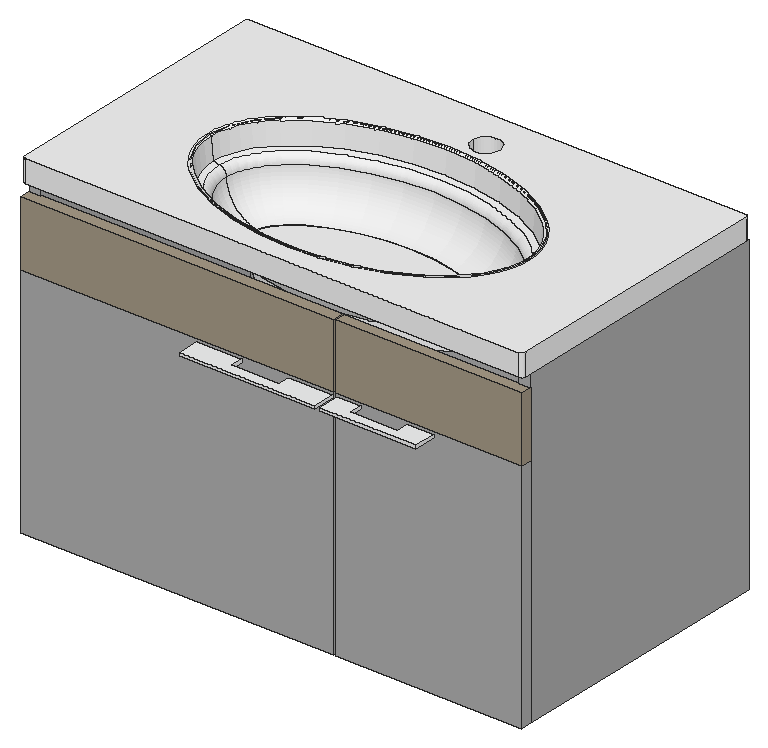
Revit family "138086841_Mueble Elipse Plus 80 cm con Lavamanos.pdf", category Furniture, Revit 2019
Family settings
  OmniClass Number = 23.31.13.11
  OmniClass Title = Single Sinks
  Work Plane-Based = No
  Always vertical = Yes
  Cut with Voids When Loaded = No
  Shared = No
  Room Calculation Point = No
Parameters
  URL = "https://corona.co/productos/muebles-para-banos/mueble-elipse-plus/p/135076841"
  Resistencia al rayado = "700 ciclos"  # constant formula
  Resistencia a la humedad = "8%"  # constant formula
  Peso Neto aprox = "35,7 lb (16,2 kg)."  # constant formula
  Peso Bruto aprox = "43,9 lb (19,9 kg)."  # constant formula
  Model = "Elipse Plus 60"  # constant formula
  Material = Corona_Madera_Niebla
  Manufacturer = "Corona"  # constant formula
  Manija = Corona_Aluminio
  Longitud = 453 mm
  Garantía Herraje = "1 año"  # constant formula
  Garantía = "5 Años (Madera)"  # constant formula
  Fecha de creación = "28/07/2020"  # constant formula
  Description = "Línea de Muebles Elipse Plus con mezcla de materiales y manija en aluminio\r\nque brindan un diseño moderno, en formato de 60 y 80 cm con una puerta y\r\nuna canastilla organizadora. Máxima capacidad de almacenamiento.\r\n· Resistentes a la humedad.\r\n· Lavamanos 100% en porcelana.\r\n· Canastilla Organizadora"  # constant formula
  Creado por = "IDD"  # constant formula
  Ancho = 800 mm
  Alto = 500 mm
  Acabado = Corona_Ambar
Reference planes
  plane 1 "Center (Front/Back)": y = 0
  plane 2: z = 0
  plane 3 "Center (Left/Right)": x = 0
  plane 4 "Center L/S": x = 400
  plane 5 "Center L/T": x = -400
  plane 6 "Center L/U": y = -453
  plane 7: z = 500
  plane 8: z = 480
  plane 9: z = 286
  plane 10: z = 186
Forms (mm)
  Extrusion 1, solid, material "Corona_Madera_Niebla" <- "Material", detail levels medium+fine
    sketch origin (0, 0, 0) x (1, 0, 0) y (0, 1, 0)
      loop
        line (-400, 0) -> (-400, -435) -> (-382, -435) -> (-382, 0) -> (-400, 0)
    from 0 to 500
  Extrusion 2, solid, material "Corona_Madera_Niebla" <- "Material", detail levels medium+fine
    sketch origin (0, 0, 0) x (-1, 0, 0) y (0, -1, 0)
      loop
        line (-400, 0) -> (-382, 0) -> (-382, 435) -> (-400, 435) -> (-400, 0)
    from 0 to 500
  Extrusion 3, solid, material "Corona_Madera_Niebla" <- "Material", detail levels medium+fine
    sketch origin (0, 0, 0) x (1, 0, 0) y (0, 1, 0)
      loop
        line (-382, 0) -> (-382, -18) -> (382, -18) -> (382, 0) -> (-382, 0)
    from 0 to 500
  Extrusion 4, solid, material "Corona_Madera_Niebla" <- "Material", detail levels medium+fine
    sketch origin (0, 0, 0) x (1, 0, 0) y (0, 1, 0)
      loop
        line (-400, -453) -> (100, -453) -> (100, -435) -> (-400, -435) -> (-400, -453)
      loop
        line (400, -435) -> (103, -435) -> (103, -453) -> (400, -453) -> (400, -435)
    from 0 to 376
  Extrusion 5, solid, material "Corona_Ambar" <- "Acabado", detail levels medium+fine
    sketch origin (0, 0, 0) x (1, 0, 0) y (0, 1, 0)
      loop
        line (-400, -453) -> (100, -453) -> (100, -435) -> (-400, -435) -> (-400, -453)
      loop
        line (400, -435) -> (103, -435) -> (103, -453) -> (400, -453) -> (400, -435)
    from 376 to 480
  Extrusion 6, solid, material "Corona_Aluminio" <- "Manija", detail levels medium+fine
    sketch origin (0, 0, 0) x (1, 0, 0) y (0, 1, 0)
      loop
        line (106.266, -453) -> (106.266, -488) -> (260.016, -488) -> (260.016, -453) -> (218.766, -453) -> (218.766, -473) -> (143.766, -473) -> (143.766, -453) -> (106.266, -453)
      loop
        line (-117.5, -453) -> (-117.5, -488) -> (98.75, -488) -> (98.75, -453) -> (28.75, -453) -> (28.75, -473) -> (-46.25, -473) -> (-46.25, -453) -> (-117.5, -453)
    from 367 to 371.997
  Extrusion 7, solid, material "Corona_Madera_Niebla" <- "Material", detail levels medium+fine
    sketch origin (0, 0, 0) x (1, 0, 0) y (0, 1, 0)
      loop
        line (-382, -18) -> (-382, -435) -> (382, -435) -> (382, -18) -> (-382, -18)
    from 0 to 18
  Extrusion 8, solid, material "Corona_Madera_Niebla" <- "Material", detail levels coarse
    sketch origin (0, 0, 0) x (1, 0, 0) y (0, 1, 0)
      loop
        line (-400, 0) -> (-400, -453) -> (400, -453) -> (400, 0) -> (-400, 0)
    from 0 to 500
  Extrusion 9, solid, material "Corona_Cerámica_Sinterizada", detail levels coarse
    sketch origin (0, 0, 0) x (1, 0, 0) y (0, 1, 0)
      loop
        line (-403, 0) -> (-403, -454) -> (403, -454) -> (403, 0) -> (-403, 0)
    from 500 to 535
  Extrusion 10, solid, not visible
    sketch origin (0, 0, 0) x (1, 0, 0) y (0, 0, 1)
      loop
        circle (-61.749, 286) r 6.35
    from 0 to 1
  Extrusion 11, solid, not visible
    sketch origin (0, 0, 0) x (-1, 0, 0) y (0, 0, -1)
      loop
        circle (-61.749, -286) r 6.35
    from 0 to 1
  Extrusion 12, solid, not visible
    sketch origin (-61.749, 0, -364) x (-1, 0, 0) y (0, 0, -1)
      loop
        circle (-61.749, -550) r 19.05
    from 0 to 1
Dimensions and locks
  equal spacing: plane 5 "Center L/T", plane 3 "Center (Left/Right)", plane 4 "Center L/S"
  "Ancho": plane 5 "Center L/T" to plane 4 "Center L/S"
  "Longitud": plane 6 "Center L/U" to plane 1 "Center (Front/Back)"
  "Alto": plane 7 to plane 2
  locked: plane 7 to plane 8 at 20
  locked: plane 7 to plane 9 at 214
  locked: plane 9 to plane 10 at 100
  aligned and locked: level to plane 2
  aligned and locked: plane 4 "Center L/S" to Extrusion 2
  aligned and locked: Extrusion 1 to plane 5 "Center L/T"
  aligned and locked: Extrusion 3 to plane 1 "Center (Front/Back)"
  aligned and locked: plane 6 "Center L/U" to Extrusion 4
  aligned and locked: Extrusion 5 sketch curve to Extrusion 4  (x3)
  aligned and locked: Extrusion 5 sketch curve to Extrusion 2
  aligned and locked: Extrusion 7 sketch curve to Extrusion 3  (x2)
  aligned and locked: Extrusion 7 sketch curve to Extrusion 2
  aligned and locked: Extrusion 2 to Extrusion 7 sketch curve
  aligned and locked: plane 7 to Extrusion 3
  aligned and locked: plane 7 to Extrusion 2
  aligned and locked: plane 7 to Extrusion 1
  aligned and locked: plane 8 to Extrusion 5
  aligned and locked: plane 3 "Center (Left/Right)" to nested 1
  aligned and locked: plane 1 "Center (Front/Back)" to nested 1
  aligned and locked: plane 3 "Center (Left/Right)" to nested 2
  aligned and locked: plane 2 to nested 2
  aligned and locked: plane 1 "Center (Front/Back)" to nested 3
  aligned and locked: plane 2 to nested 3
  aligned and locked: Extrusion 8 sketch curve to plane 6 "Center L/U"
  aligned and locked: Extrusion 8 sketch curve to plane 4 "Center L/S"
  aligned and locked: plane 1 "Center (Front/Back)" to Extrusion 8 sketch curve
  aligned and locked: plane 5 "Center L/T" to Extrusion 8 sketch curve
  aligned and locked: Extrusion 9 sketch curve to nested 1  (x2)
  aligned and locked: Extrusion 8 to Extrusion 1  (x2)
  aligned and locked: plane 3 "Center (Left/Right)" to nested 4
  aligned and locked: plane 1 "Center (Front/Back)" to nested 4
  aligned and locked: nested 4 to plane 7
  aligned and locked: plane 10 to Extrusion 12
Automatic sketch dimensions
  Extrusion 1 sketch curve to plane 5 "Center L/T" = 0 mm
  plane 1 "Center (Front/Back)" to Extrusion 1 sketch curve = 0 mm
  plane 5 "Center L/T" to Extrusion 1 sketch curve = 18 mm
  Extrusion 1 sketch curve to plane 6 "Center L/U" = 18 mm
  Extrusion 2 sketch curve to plane 4 "Center L/S" = 0 mm
  plane 1 "Center (Front/Back)" to Extrusion 2 sketch curve = 0 mm
  plane 4 "Center L/S" to Extrusion 2 sketch curve = 18 mm
  plane 6 "Center L/U" to Extrusion 2 sketch curve = 18 mm
  plane 1 "Center (Front/Back)" to Extrusion 3 sketch curve = 0 mm
  plane 5 "Center L/T" to Extrusion 3 sketch curve = 18 mm
  Extrusion 3 sketch curve to plane 4 "Center L/S" = 18 mm
  plane 1 "Center (Front/Back)" to Extrusion 3 sketch curve = 18 mm
  Extrusion 4 sketch curve to plane 5 "Center L/T" = 0 mm
  plane 6 "Center L/U" to Extrusion 4 sketch curve = 0 mm  (x2)
  Extrusion 4 sketch curve to plane 4 "Center L/S" = 0 mm
  plane 3 "Center (Left/Right)" to Extrusion 4 sketch curve = 100 mm
  Extrusion 4 sketch curve to Extrusion 4 sketch curve = 3 mm
  Extrusion 4 sketch curve to plane 6 "Center L/U" = 18 mm
  Extrusion 4 sketch curve to Extrusion 4 sketch curve = 0 mm
  plane 6 "Center L/U" to Extrusion 5 sketch curve = 0 mm
  plane 3 "Center (Left/Right)" to Extrusion 5 sketch curve = 100 mm
  Extrusion 5 sketch curve to Extrusion 5 sketch curve = 3 mm
  Extrusion 5 sketch curve to Extrusion 5 sketch curve = 0 mm
  plane 6 "Center L/U" to Extrusion 6 sketch curve = 0 mm  (x4)
  Extrusion 6 sketch curve to plane 3 "Center (Left/Right)" = 117.5 mm
  Extrusion 6 sketch curve to plane 3 "Center (Left/Right)" = 46.25 mm
  plane 3 "Center (Left/Right)" to Extrusion 6 sketch curve = 28.75 mm
  plane 6 "Center L/U" to Extrusion 6 sketch curve = 35 mm
  Extrusion 6 sketch curve to Extrusion 6 sketch curve = 70 mm
  Extrusion 6 sketch curve to Extrusion 6 sketch curve = 7.516 mm
  plane 6 "Center L/U" to Extrusion 6 sketch curve = 20 mm  (x2)
  Extrusion 6 sketch curve to Extrusion 6 sketch curve = 37.5 mm
  Extrusion 6 sketch curve to Extrusion 6 sketch curve = 75 mm
  Extrusion 6 sketch curve to Extrusion 6 sketch curve = 41.25 mm
  Extrusion 6 sketch curve to Extrusion 6 sketch curve = 0 mm
  Extrusion 9 sketch curve to plane 5 "Center L/T" = 3 mm
  plane 4 "Center L/S" to Extrusion 9 sketch curve = 3 mm
  Extrusion 10 sketch curve to plane 9 = 0 mm
  Extrusion 10 sketch curve to plane 3 "Center (Left/Right)" = 61.749 mm
  Extrusion 11 sketch curve to plane 9 = 0 mm
  Extrusion 11 sketch curve to plane 3 "Center (Left/Right)" = 61.749 mm
  Extrusion 12 sketch curve to plane 3 "Center (Left/Right)" = 0 mm
  plane 9 to Extrusion 12 sketch curve = 100 mm
  radius of Extrusion 10 sketch curve = 6.35 mm
  radius of Extrusion 11 sketch curve = 6.35 mm
  radius of Extrusion 12 sketch curve = 19.05 mm
Nested families
  nested 1: "Planta" at (0, -227, 0), type "Planta"
  nested 2: "lateral" at (0, 0, 250) x (1, 0, 0) z (0, -1, 0), type "lateral"
  nested 3: "lateral1" at (0, -226.5, 250) x (0, 1, 0) z (1, 0, 0), type "lateral1"
  nested 4: "Lavamanos Elipse plus 80" at (0, 0, 535), type "Lavamanos Elipse plus 80", detail levels medium+fine
Connectors
  piping at (-61.749, 0, 286), diameter 12.7
    settings: on Extrusion 10, index 1, connector inside diameter 609.6 mm, connector length 0 mm, flow factor 0, pipe flow 0.0 L/s, pressure drop 0.0 Pa, fitting loss kfactor 0, connector angle 0.00°, fixture units 0, engagement length 0 mm, angle of deflection 0.00°, flow configuration 0, flow direction 0, fitting loss method 0, system type 19, joint type 0, gender type 0, connector reference index -1, connector utility 0, adjustable connector no, is connector primary yes, connector description ""
  piping at (61.749, 0, 286), diameter 12.7
    settings: on Extrusion 11, index 2, connector inside diameter 609.6 mm, connector length 0 mm, flow factor 0, pipe flow 0.0 L/s, pressure drop 0.0 Pa, fitting loss kfactor 0, connector angle 0.00°, fixture units 0, engagement length 0 mm, angle of deflection 0.00°, flow configuration 0, flow direction 0, fitting loss method 0, system type 20, joint type 0, gender type 0, connector reference index -1, connector utility 0, adjustable connector no, is connector primary no, connector description ""
  piping at (0, 0, 186), diameter 38.1
    settings: on Extrusion 12, index 3, connector inside diameter 609.6 mm, connector length 0 mm, flow factor 0, pipe flow 0.0 L/s, pressure drop 0.0 Pa, fitting loss kfactor 0, connector angle 0.00°, fixture units 0, engagement length 0 mm, angle of deflection 0.00°, flow configuration 0, flow direction 0, fitting loss method 0, system type 20, joint type 0, gender type 0, connector reference index -1, connector utility 0, adjustable connector no, is connector primary no, connector description ""
Definition of nested family "Lavamanos Elipse plus 80"
  Parameters (values of type "Lavamanos Elipse plus 80")
    Width = 600 mm
    Material Lavamanos = none
    Height = 122 mm
    Depth = 450 mm
    Date Created = "08/07/2020"  # constant formula
    Created by = "IDD"  # constant formula
  Reference planes
    plane 1 "Center (Front/Back)": y = 0
    plane 2: z = 0
    plane 3 "Center (Left/Right)": x = 0
    plane 4: y = -450
    plane 5: z = -150
    plane 6: z = -35
    plane 7: y = -253.444
  Forms (mm)
    Extrusion 1, solid, material <- "Material Lavamanos"
      sketch origin (0, 0, -10) x (1, 0, 0) y (0, 1, 0)
        loop
          arc (-397.603, 0) -> (-399.013, -0.987) -> (-400, -2.397) r 4.953
          line (-400, -2.397) -> (-400, -443.917)
          arc (-400, -443.917) -> (-398.218, -448.218) -> (-393.917, -450) r 6.083
          line (-393.917, -450) -> (393.917, -450)
          arc (393.917, -450) -> (398.218, -448.218) -> (400, -443.917) r 6.083
          line (400, -443.917) -> (400, -2.397)
          arc (400, -2.397) -> (399.013, -0.987) -> (397.603, 0) r 4.953
          line (397.603, 0) -> (-397.603, 0)
        loop
          spline (-255, -258.444) -> (-246.311, -299.855) -> (-220.836, -338.444) -> (-180.312, -371.581) -> (-127.5, -397.008) -> (-65.999, -412.992) -> (0, -418.444) -> (65.999, -412.992) -> (127.5, -397.008) -> (180.312, -371.581) -> (220.836, -338.444) -> (246.311, -299.855) -> (255, -258.444)
          spline (255, -258.444) -> (246.311, -217.033) -> (220.836, -178.444) -> (180.312, -145.307) -> (127.5, -119.88) -> (65.999, -103.896) -> (0, -98.444) -> (-65.999, -103.896) -> (-127.5, -119.88) -> (-180.312, -145.307) -> (-220.836, -178.444) -> (-246.311, -217.033) -> (-255, -258.444)
      from -25 to 10
    Extrusion 2, void
      sketch origin (32.889, 176.769, 0) x (1, 0, 0) y (0, 1, 0)
        loop
          circle (0.104, -241.443) r 21.75
      from -59.237 to 25
    Extrusion 3, void
      sketch origin (34.468, -17.338, 0) x (1, 0, 0) y (0, 1, 0)
        loop
          circle (0, -242.183) r 21.75
      from -321.378 to -60.208
    Sweep 4, solid
      path origin (0, 0, 10) x (-1, 0, 0) y (0, -1, 0)
        loop
          spline (-255, 258.444) -> (-246.311, 217.033) -> (-220.836, 178.444) -> (-180.312, 145.307) -> (-127.5, 119.88) -> (-65.999, 103.896) -> (0, 98.444) -> (65.999, 103.896) -> (127.5, 119.88) -> (180.312, 145.307) -> (220.836, 178.444) -> (246.311, 217.033) -> (255, 258.444)
          spline (255, 258.444) -> (246.311, 299.855) -> (220.836, 338.444) -> (180.312, 371.581) -> (127.5, 397.008) -> (65.999, 412.992) -> (0, 418.444) -> (-65.999, 412.992) -> (-127.5, 397.008) -> (-180.312, 371.581) -> (-220.836, 338.444) -> (-246.311, 299.855) -> (-255, 258.444)
      profile origin (0, -98.444, 10) x (0, -1, 0) y (0, 0, 1)
        loop
          line (-1.765, -9.401) -> (2.522, -50.186) -> (16.313, -52.887)
          arc (16.313, -52.887) -> (20.834, -56.22) -> (22.694, -61.52) r 9.532
          arc (22.694, -61.52) -> (38.781, -102.916) -> (76.974, -125.581) r 68.074
          line (76.974, -125.581) -> (76.974, -120.467)
          arc (76.974, -120.467) -> (42.264, -99.288) -> (27.69, -61.329) r 63.074
          arc (27.69, -61.329) -> (24.737, -53.09) -> (17.588, -48.042) r 14.532
          line (17.588, -48.042) -> (7.108, -45.989) -> (3.534, -11.985)
          arc (3.534, -11.985) -> (1.004, -10.448) -> (-1.765, -9.401) r 16.076
    Extrusion 5, solid
      sketch origin (0, 0, 10) x (1, 0, 0) y (0, 1, 0)
        loop
          spline (0, -175.418) -> (-26.947, -176.527) -> (-53.236, -179.805) -> (-78.222, -185.124) -> (-101.28, -192.255) -> (-121.841, -200.863) -> (-139.397, -210.514) -> (-153.574, -220.631) -> (-164.177, -230.565) -> (-171.349, -239.616) -> (-175.516, -247.256) -> (-177.496, -253.361) -> (-178.026, -258.444)
          spline (-178.026, -258.444) -> (-177.493, -263.521) -> (-175.523, -269.638) -> (-171.343, -277.275) -> (-164.187, -286.323) -> (-153.576, -296.256) -> (-139.393, -306.374) -> (-121.842, -316.024) -> (-101.281, -324.633) -> (-78.221, -331.764) -> (-53.236, -337.082) -> (-26.947, -340.36) -> (0, -341.47)
          spline (0, -341.47) -> (26.947, -340.36) -> (53.236, -337.082) -> (78.222, -331.764) -> (101.28, -324.633) -> (121.841, -316.024) -> (139.397, -306.374) -> (153.574, -296.257) -> (164.177, -286.322) -> (171.349, -277.271) -> (175.516, -269.631) -> (177.496, -263.526) -> (178.026, -258.444)
          spline (178.026, -258.444) -> (177.493, -253.366) -> (175.523, -247.25) -> (171.343, -239.613) -> (164.187, -230.564) -> (153.576, -220.631) -> (139.393, -210.514) -> (121.842, -200.863) -> (101.281, -192.255) -> (78.221, -185.124) -> (53.236, -179.805) -> (26.947, -176.527) -> (0, -175.418)
      from -160 to -120.467
  Cuts and joins
    Extrusion 2 cuts Extrusion 1
    Extrusion 3 cuts Extrusion 5
  Dimensions and locks
    plane 1 "Center (Front/Back)" to plane 4 = 450 mm
    level to plane 5 = 150 mm
    plane 6 to level = 35 mm
    aligned and locked: level to plane 2
Definition of nested family "Planta"
  Parameters (values of type "Planta")
    Longitud = 454 mm
    Ancho = 800 mm
  Reference planes
    plane 1 "Center (Front/Back)": y = 0
    plane 2: z = 0
    plane 3 "Center (Left/Right)": x = 0
    plane 4 "Center (F/E": y = 227
    plane 5 "Center (F/F": y = -227
    plane 6 "Center (F/G": x = 400
    plane 7 "Center (F/H": x = -400
  Lines and regions (mm)
    detail lines, in view "Ref. Level"
      curve 1: line (-395, 227, 0) -> (395, 227, 0)
      curve 2: line (-400, -222, 0) -> (-400, 222, 0)
      curve 3: line (395, -227, 0) -> (-395, -227, 0)
      curve 4: line (400, 222, 0) -> (400, -222, 0)
      curve 5: arc (-400, 222, 0) -> (-398.536, 225.536, 0) -> (-395, 227, 0) r 5
      curve 6: arc (395, 227, 0) -> (398.536, 225.536, 0) -> (400, 222, 0) r 5
      curve 7: arc (395, -227, 0) -> (398.536, -225.536, 0) -> (400, -222, 0) r 5
      curve 8: arc (-395, -227, 0) -> (-398.536, -225.536, 0) -> (-400, -222, 0) r 5
      curve 9: circle (22.472, 159.765, 0) r 15 normal (0, 0, 1)
      curve 10: circle (21.111, -26.046, 0) r 25 normal (0, 0, 1)
      curve 11: circle (21.111, -26.046, 0) r 35 normal (0, 0, 1)
      curve 12: spline (-198.436, -26.046, 0) -> (-190.955, -55.81, 0) -> (-169.022, -83.546, 0) -> (-134.132, -107.363, 0) -> (-88.663, -125.639, 0) -> (-35.712, -137.127, 0) -> (21.111, -141.046, 0) -> (77.933, -137.127, 0) -> (130.884, -125.639, 0) -> (176.354, -107.363, 0) -> (211.244, -83.546, 0) -> (233.176, -55.81, 0) -> (240.657, -26.046, 0) -> (233.176, 3.718, 0) -> (211.244, 31.454, 0) -> (176.354, 55.271, 0) -> (130.884, 73.547, 0) -> (77.933, 85.036, 0) -> (21.111, 88.954, 0) -> (-35.712, 85.036, 0) -> (-88.663, 73.547, 0) -> (-134.132, 55.271, 0) -> (-169.022, 31.454, 0) -> (-190.955, 3.718, 0) -> (-198.436, -26.046, 0)
      curve 13: spline (-245.936, -27.296, 0) -> (-237.603, 6.351, 0) -> (-213.173, 37.704, 0) -> (-174.31, 64.628, 0) -> (-123.663, 85.287, 0) -> (-64.683, 98.275, 0) -> (-1.389, 102.704, 0) -> (61.904, 98.275, 0) -> (120.884, 85.287, 0) -> (171.531, 64.628, 0) -> (210.394, 37.704, 0) -> (234.825, 6.351, 0) -> (243.157, -27.296, 0) -> (234.825, -60.942, 0) -> (210.394, -92.296, 0) -> (171.531, -119.22, 0) -> (120.884, -139.879, 0) -> (61.904, -152.866, 0) -> (-1.389, -157.296, 0) -> (-64.683, -152.866, 0) -> (-123.663, -139.879, 0) -> (-174.31, -119.22, 0) -> (-213.173, -92.296, 0) -> (-237.603, -60.942, 0) -> (-245.936, -27.296, 0)
      curve 14: spline (-263.389, -27.296, 0) -> (-254.462, 10.233, 0) -> (-228.288, 45.204, 0) -> (-186.651, 75.235, 0) -> (-132.389, 98.278, 0) -> (-69.2, 112.763, 0) -> (-1.389, 117.704, 0) -> (66.421, 112.763, 0) -> (129.611, 98.278, 0) -> (183.873, 75.235, 0) -> (225.509, 45.204, 0) -> (251.683, 10.233, 0) -> (260.611, -27.296, 0) -> (251.683, -64.825, 0) -> (225.509, -99.796, 0) -> (183.873, -129.826, 0) -> (129.611, -152.869, 0) -> (66.421, -167.355, 0) -> (-1.389, -172.296, 0) -> (-69.2, -167.355, 0) -> (-132.389, -152.869, 0) -> (-186.651, -129.826, 0) -> (-228.288, -99.796, 0) -> (-254.462, -64.825, 0) -> (-263.389, -27.296, 0)
      curve 15: line (-117.5, -228, 0) -> (-117.5, -263, 0)
      curve 16: line (-117.5, -263, 0) -> (98.75, -263, 0)
      curve 17: line (98.75, -263, 0) -> (98.75, -228, 0)
      curve 18: line (106.266, -228, 0) -> (106.266, -263, 0)
      curve 19: line (106.266, -263, 0) -> (260.016, -263, 0)
      curve 20: line (260.016, -263, 0) -> (260.016, -228, 0)
      curve 21: line (218.766, -228, 0) -> (218.766, -248, 0)
      curve 22: line (218.766, -248, 0) -> (143.766, -248, 0)
      curve 23: line (143.766, -248, 0) -> (143.766, -228, 0)
      curve 24: line (28.75, -228, 0) -> (28.75, -248, 0)
      curve 25: line (28.75, -248, 0) -> (-46.25, -248, 0)
      curve 26: line (-46.25, -248, 0) -> (-46.25, -228, 0)
  Dimensions and locks
    equal spacing: plane 7 "Center (F/H", plane 3 "Center (Left/Right)", plane 6 "Center (F/G"
    "Ancho": plane 7 "Center (F/H" to plane 6 "Center (F/G"
    equal spacing: plane 5 "Center (F/F", plane 1 "Center (Front/Back)", plane 4 "Center (F/E"
    "Longitud": plane 5 "Center (F/F" to plane 4 "Center (F/E"
    aligned and locked: curve 4 to plane 6 "Center (F/G"
    aligned and locked: plane 7 "Center (F/H" to curve 2
  Automatic sketch dimensions
    curve 10 to curve 11 = 0 mm  (x2)
    plane 5 "Center (F/F" to curve 8 = 0 mm
    plane 4 "Center (F/E" to curve 5 = 0 mm
    plane 3 "Center (Left/Right)" to curve 10 = 21.111 mm
    plane 3 "Center (Left/Right)" to curve 9 = 22.472 mm
    plane 1 "Center (Front/Back)" to curve 10 = 26.046 mm
    plane 4 "Center (F/E" to curve 9 = 67.235 mm
    curve 14 to curve 13 = 17.453 mm
    curve 13 to curve 12 = 47.5 mm
    curve 14 to plane 3 "Center (Left/Right)" = 1.389 mm
    curve 13 to curve 14 = 0 mm  (x2)
    curve 12 to curve 10 = 0 mm  (x2)
    curve 14 to curve 10 = 1.25 mm
    plane 7 "Center (F/H" to curve 3 = 5 mm
    plane 7 "Center (F/H" to curve 1 = 5 mm
    plane 7 "Center (F/H" to curve 14 = 136.611 mm
    plane 4 "Center (F/E" to curve 6 = 5 mm
    curve 3 to plane 6 "Center (F/G" = 5 mm
    curve 16 to plane 3 "Center (Left/Right)" = 117.5 mm
    plane 5 "Center (F/F" to curve 15 = 36 mm
    curve 26 to plane 3 "Center (Left/Right)" = 46.25 mm
    plane 3 "Center (Left/Right)" to curve 24 = 28.75 mm
    curve 24 to curve 17 = 70 mm
    curve 17 to curve 18 = 7.516 mm
    curve 18 to curve 23 = 37.5 mm
    curve 23 to curve 21 = 75 mm
    curve 21 to curve 20 = 41.25 mm
    curve 16 to curve 20 = 0 mm
    curve 15 to curve 25 = 15 mm
    curve 18 to curve 23 = 15 mm
    curve 22 to curve 23 = 20 mm
    curve 24 to curve 24 = 20 mm
    curve 21 to curve 21 = 20 mm
    curve 18 to curve 18 = 35 mm
    curve 17 to curve 18 = 0 mm
    curve 19 to curve 20 = 35 mm
    curve 15 to curve 15 = 35 mm
    curve 25 to curve 26 = 20 mm
    radius of curve 9 = 15 mm
    radius of curve 10 = 25 mm
    radius of curve 11 = 35 mm
Definition of nested family "lateral"
  Parameters (values of type "lateral")
    Longitud = 500 mm
    Ancho = 800 mm
  Reference planes
    plane 1 "Center (Front/Back)": y = 0
    plane 2: z = 0
    plane 3 "Center (Left/Right)": x = 0
    plane 4 "Center (F/C": x = 400
    plane 5 "Center (F/D": x = -400
    plane 6 "Center (F/E": y = 250
    plane 7 "Center (F/F": y = -250
    plane 8 "Center (F/G": x = -403
    plane 9 "Center (F/H": x = 403
    plane 10 "Center (F/I": x = 100
    plane 11 "Center (F/J": x = 103
  Lines and regions (mm)
    detail lines, in view "Ref. Level"
      curve 1: line (-403, 250, 0) -> (403, 250, 0)
      curve 2: line (-400, -250, 0) -> (-400, 250, 0)
      curve 3: line (400, -250, 0) -> (-400, -250, 0)
      curve 4: line (400, 250, 0) -> (400, -250, 0)
      curve 5: line (-400, 230, 0) -> (100, 230, 0)
      curve 6: line (400, 126, 0) -> (103, 126, 0)
      curve 7: line (-115, 121.948, 0) -> (100, 121.948, 0)
      curve 8: line (-115, 116.948, 0) -> (-115, 121.948, 0)
      curve 9: line (258, 116.948, 0) -> (103, 116.948, 0)
      curve 10: line (258, 121.948, 0) -> (258, 116.948, 0)
      curve 11: line (-403, 285, 0) -> (403, 285, 0)
      curve 12: line (-403, 285, 0) -> (-403, 250, 0)
      curve 13: line (403, 285, 0) -> (403, 250, 0)
      curve 14: line (100, 230, 0) -> (100, -250, 0)
      curve 15: line (103, -250, 0) -> (103, 230, 0)
      curve 16: line (100, 116.948, 0) -> (-115, 116.948, 0)
      curve 17: line (103, 121.948, 0) -> (258, 121.948, 0)
      curve 18: line (100, 126, 0) -> (-400, 126, 0)
      curve 19: line (103, 230, 0) -> (400, 230, 0)
      curve 20: line (100, 121.948, 0) -> (100, 116.948, 0)
      curve 21: line (103, 121.948, 0) -> (103, 116.948, 0)
  Dimensions and locks
    equal spacing: plane 5 "Center (F/D", plane 3 "Center (Left/Right)", plane 4 "Center (F/C"
    "Ancho": plane 5 "Center (F/D" to plane 4 "Center (F/C"
    equal spacing: plane 7 "Center (F/F", plane 1 "Center (Front/Back)", plane 6 "Center (F/E"
    "Longitud": plane 7 "Center (F/F" to plane 6 "Center (F/E"
    locked: plane 4 "Center (F/C" to plane 9 "Center (F/H" at 3
    locked: plane 8 "Center (F/G" to plane 5 "Center (F/D" at 3
    plane 5 "Center (F/D" to plane 10 "Center (F/I" = 500 mm
    plane 11 "Center (F/J" to plane 4 "Center (F/C" = 297 mm
    aligned and locked: curve 20 to plane 10 "Center (F/I"
    aligned and locked: curve 21 to plane 11 "Center (F/J"
  Automatic sketch dimensions
    plane 6 "Center (F/E" to curve 12 = 0 mm
    curve 12 to plane 8 "Center (F/G" = 0 mm
    curve 3 to plane 5 "Center (F/D" = 0 mm
    curve 5 to plane 10 "Center (F/I" = 0 mm
    curve 19 to plane 11 "Center (F/J" = 0 mm
    curve 4 to plane 4 "Center (F/C" = 0 mm
    curve 13 to plane 9 "Center (F/H" = 0 mm
    plane 7 "Center (F/F" to curve 3 = 0 mm
    plane 5 "Center (F/D" to curve 8 = 285 mm
    curve 17 to plane 4 "Center (F/C" = 142 mm
    curve 16 to plane 1 "Center (Front/Back)" = 116.948 mm
    curve 10 to plane 1 "Center (Front/Back)" = 116.948 mm
    curve 16 to curve 7 = 5 mm
    curve 9 to curve 17 = 5 mm
    plane 6 "Center (F/E" to curve 14 = 20 mm
    curve 5 to curve 19 = 0 mm
    curve 12 to plane 6 "Center (F/E" = 35 mm
    curve 7 to curve 18 = 4.052 mm
    curve 10 to curve 6 = 4.052 mm
Definition of nested family "lateral1"
  Parameters (values of type "lateral1")
    Longitud = 500 mm
    Ancho = 453 mm
  Reference planes
    plane 1 "Center (Front/Back)": y = 0
    plane 2: z = 0
    plane 3 "Center (Left/Right)": x = 0
    plane 4 "Center (F/C": x = 226.5
    plane 5 "Center (F/D": x = -226.5
    plane 6 "Center (F/E": y = 250
    plane 7 "Center (F/F": y = -250
  Lines and regions (mm)
    detail lines, in view "Ref. Level"
      curve 1: line (-226.5, -250, 0) -> (-226.5, 230, 0)
      curve 2: line (226.5, -250, 0) -> (-226.5, -250, 0)
      curve 3: line (226.5, 250, 0) -> (226.5, -250, 0)
      curve 4: line (-206.5, 250, 0) -> (226.5, 250, 0)
      curve 5: line (-206.5, -250, 0) -> (-206.5, 250, 0)
      curve 6: line (-226.5, 230, 0) -> (-206.5, 230, 0)
      curve 7: line (-226.5, 130, 0) -> (-206.5, 130, 0)
      curve 8: line (-226.5, 125, 0) -> (-256.5, 125, 0)
      curve 9: arc (-256.5, 125, 0) -> (-261.5, 120, 0) -> (-256.5, 115, 0) r 5
      curve 10: line (-256.5, 115, 0) -> (-226.5, 115, 0)
      curve 11: line (-206.5, 250, 0) -> (-207.5, 250, 0)
      curve 12: line (-207.5, 250, 0) -> (-207.5, 285, 0)
      curve 13: line (-207.5, 285, 0) -> (226.5, 285, 0)
      curve 14: line (226.5, 285, 0) -> (226.5, 250, 0)
  Dimensions and locks
    equal spacing: plane 5 "Center (F/D", plane 3 "Center (Left/Right)", plane 4 "Center (F/C"
    "Ancho": plane 5 "Center (F/D" to plane 4 "Center (F/C"
    equal spacing: plane 7 "Center (F/F", plane 1 "Center (Front/Back)", plane 6 "Center (F/E"
    "Longitud": plane 7 "Center (F/F" to plane 6 "Center (F/E"
  Automatic sketch dimensions
    curve 10 to plane 5 "Center (F/D" = 0 mm
    plane 6 "Center (F/E" to curve 12 = 0 mm
    plane 7 "Center (F/F" to curve 5 = 0 mm
    curve 13 to plane 4 "Center (F/C" = 0 mm
    curve 8 to curve 8 = 30 mm
    plane 5 "Center (F/D" to curve 13 = 19 mm
    curve 11 to curve 4 = 1 mm
    curve 10 to plane 1 "Center (Front/Back)" = 115 mm
    curve 9 to curve 9 = 5 mm
    plane 6 "Center (F/E" to curve 6 = 20 mm
    curve 13 to plane 6 "Center (F/E" = 35 mm
    curve 8 to curve 7 = 5 mm
